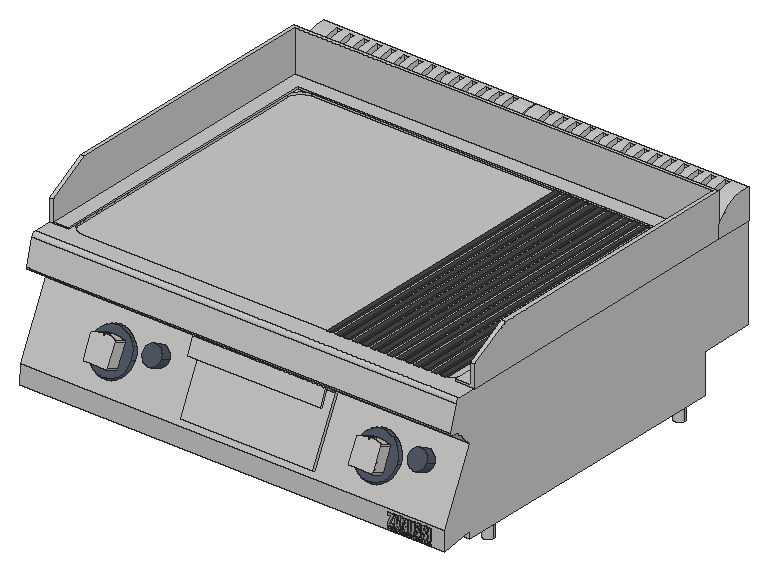
Revit family "QF_ZANUSSI_372335_Z7IIMAAOMEA", category Specialty Equipment, Revit 2018 (continued)
Automatic sketch dimensions
  curve 145 to curve 154 = 19.003 mm
  curve 141 to curve 141 = 0.343 mm
  curve 141 to curve 143 = 1.071 mm
  curve 141 to curve 140 = 2.189 mm
  curve 140 to curve 139 = 0.809 mm
  curve 99 to curve 97 = 16.193 mm
  curve 94 to curve 94 = 9.296 mm
  plane 1 "BACK" to curve 93 = 6.761 mm
  curve 94 to curve 93 = 16.193 mm
  curve 92 to curve 91 = 9.296 mm
  plane 1 "BACK" to curve 89 = 6.761 mm
  curve 90 to curve 89 = 16.193 mm
  curve 86 to curve 86 = 9.296 mm
  curve 87 to curve 84 = 16.193 mm
  curve 82 to curve 83 = 9.296 mm
  curve 153 to curve 149 = 88.173 mm
  curve 174 to curve 170 = 88.173 mm
  curve 153 to curve 144 = 0 mm
  curve 174 to curve 165 = 0 mm
  plane 5 "FRONT" to curve 175 = 10.68 mm
  plane 5 "FRONT" to curve 154 = 10.68 mm
  curve 141 to curve 140 = 1.333 mm
  curve 162 to curve 161 = 1.333 mm
  curve 140 to curve 141 = 2.779 mm
  curve 149 to curve 150 = 2.779 mm
  curve 161 to curve 162 = 2.779 mm
  curve 170 to curve 171 = 2.779 mm
  plane 14 to curve 143 = 7.106 mm
  plane 14 to curve 164 = 7.106 mm
  plane 14 to curve 152 = 7.106 mm
  plane 14 to curve 173 = 7.106 mm
  curve 142 to plane 14 = 36.239 mm
  curve 163 to plane 14 = 36.239 mm
  curve 172 to curve 163 = 0 mm
  curve 151 to curve 142 = 0 mm
  curve 93 to curve 90 = 57.15 mm
  curve 28 to curve 25 = 57.15 mm
  curve 95 to curve 92 = 0 mm
  curve 27 to curve 30 = 0 mm
  curve 99 to curve 96 = 0 mm
  curve 91 to curve 89 = 0 mm
  curve 103 to curve 100 = 0 mm
  curve 107 to curve 104 = 0 mm
  curve 31 to curve 34 = 0 mm
  curve 111 to curve 108 = 0 mm
  curve 35 to curve 38 = 0 mm
  curve 87 to curve 85 = 0 mm
  curve 115 to curve 112 = 0 mm
  curve 39 to curve 42 = 0 mm
  curve 119 to curve 116 = 0 mm
  curve 43 to curve 46 = 0 mm
  curve 123 to curve 120 = 0 mm
  curve 47 to curve 50 = 0 mm
  curve 127 to curve 124 = 0 mm
  curve 51 to curve 54 = 0 mm
  curve 131 to curve 128 = 0 mm
  curve 55 to curve 58 = 0 mm
  curve 135 to curve 132 = 0 mm
  curve 59 to curve 62 = 0 mm
  curve 80 to curve 136 = 0 mm
  curve 63 to curve 66 = 0 mm
  curve 76 to curve 78 = 0 mm
  curve 67 to curve 70 = 0 mm
  plane 1 "BACK" to curve 72 = 6.761 mm
  plane 1 "BACK" to curve 85 = 6.761 mm
  plane 1 "BACK" to curve 77 = 6.761 mm
  plane 1 "BACK" to curve 64 = 6.761 mm
  plane 1 "BACK" to curve 137 = 6.761 mm
  plane 1 "BACK" to curve 60 = 6.761 mm
  plane 1 "BACK" to curve 52 = 6.761 mm
  plane 1 "BACK" to curve 117 = 6.761 mm
  plane 1 "BACK" to curve 113 = 6.761 mm
  plane 1 "BACK" to curve 36 = 6.761 mm
  plane 1 "BACK" to curve 109 = 6.761 mm
  plane 1 "BACK" to curve 32 = 6.761 mm
  plane 1 "BACK" to curve 105 = 6.761 mm
  plane 1 "BACK" to curve 101 = 6.761 mm
  plane 1 "BACK" to curve 97 = 6.761 mm
  curve 172 to curve 169 = 9.809 mm
  curve 173 to curve 173 = 0.284 mm
  curve 164 to curve 165 = 0.284 mm
  curve 160 to curve 163 = 9.809 mm
  curve 163 to curve 176 = 34.796 mm
  curve 176 to plane 14 = 3.305 mm
  curve 176 to curve 176 = 16.395 mm
  curve 176 to curve 176 = 1.605 mm
  curve 158 to curve 20 = 0 mm
  curve 178 to curve 22 = 41 mm
  curve 178 to curve 179 = 16.5 mm
  curve 179 to curve 180 = 16.5 mm
  curve 159 to curve 22 = 0 mm
  curve 180 to curve 181 = 16.5 mm
  curve 181 to curve 182 = 16.5 mm
  curve 182 to curve 183 = 16.5 mm
  curve 183 to curve 184 = 16.5 mm
  curve 151 to curve 148 = 9.809 mm
  curve 184 to curve 185 = 16.5 mm
  curve 153 to curve 152 = 0.284 mm
  curve 185 to curve 186 = 16.5 mm
  curve 186 to curve 187 = 16.5 mm
  curve 143 to curve 144 = 0.284 mm
  curve 187 to curve 188 = 16.5 mm
  curve 139 to curve 142 = 9.809 mm
  curve 188 to curve 189 = 16.5 mm
  curve 189 to curve 190 = 16.475 mm
  curve 142 to curve 157 = 34.796 mm
  curve 190 to curve 191 = 16.5 mm
  curve 157 to plane 14 = 3.305 mm
  curve 157 to curve 157 = 16.395 mm
  curve 191 to curve 192 = 16.1 mm
  curve 157 to curve 157 = 1.605 mm
  curve 192 to curve 193 = 16.711 mm
  curve 173 to curve 173 = 0.567 mm
  curve 143 to curve 143 = 0.567 mm
  curve 152 to curve 152 = 0.567 mm
  curve 164 to curve 164 = 0.567 mm
  curve 142 to curve 187 = 18.876 mm
  curve 151 to curve 184 = 18.876 mm
  curve 187 to curve 188 = 0 mm
  curve 182 to curve 184 = 0 mm
  plane 11 to curve 191 = 47 mm
  curve 191 to curve 192 = 0 mm  (x2)
  curve 184 to curve 185 = 0 mm  (x2)
  curve 181 to curve 182 = 0 mm  (x2)
  curve 180 to curve 181 = 0 mm  (x2)
  curve 179 to curve 180 = 0 mm  (x2)
  curve 178 to curve 179 = 0 mm  (x2)
  curve 186 to curve 187 = 0 mm  (x2)
  curve 188 to curve 189 = 0 mm  (x2)
  curve 183 to curve 184 = 0 mm  (x2)
  curve 189 to curve 190 = 0 mm  (x2)
  curve 192 to curve 193 = 6.271 mm
  curve 192 to curve 88 = 40.974 mm
  curve 192 to curve 193 = 0 mm
  curve 178 to curve 124 = 40.974 mm
  curve 190 to curve 191 = 0 mm
  curve 182 to curve 183 = 0 mm
  curve 185 to curve 186 = 0 mm
  curve 81 to curve 79 = 5.939 mm
  radius of Extrusion 25 sketch curve = 18 mm
  radius of Extrusion 26 sketch curve = 15 mm
  radius of Extrusion 3 sketch curve = 9.525 mm  (x4)
  radius of Extrusion 4 sketch curve = 6.35 mm
  radius of Blend 17 sketch curve = 42.5 mm
  radius of Blend 17 sketch curve = 40.5 mm
  radius of Split face 5 sketch curve = 2.031 mm
  radius of Split face 6 sketch curve = 3.497 mm
  radius of Split face 7 sketch curve = 3 mm
  radius of Split face 8 sketch curve = 1.5 mm
  radius of Extrusion 19 sketch curve = 18 mm
  radius of Extrusion 20 sketch curve = 15 mm
  radius of Blend 23 sketch curve = 42.5 mm
  radius of Blend 23 sketch curve = 40.5 mm
  radius of Split face 13 sketch curve = 2.031 mm
  radius of Split face 14 sketch curve = 3.497 mm
  radius of Split face 15 sketch curve = 3 mm
  radius of Split face 16 sketch curve = 1.5 mm
Nested families
  nested 1: "ZAN_Logo_S_Grey_Professional" at (733.976, -715, 676.615) x (1, 0, 0) z (0, -1, 0), type "ZAN_Logo_S_Grey_Professional"
Connectors
  piping at (749.2, -98.425, 683.9), diameter 12.7, driven by "Gas Size"
    settings: on Extrusion 4, index 1, connector inside diameter 0.50394", connector length 0 mm, flow factor 0, pipe flow 0 GPM, pressure drop 0.00 psi, fitting loss kfactor 0, connector angle 0.00°, fixture units 0, engagement length 0 mm, angle of deflection 0.00°, flow configuration 1, flow direction 1, fitting loss method 0, system type 7, joint type 0, gender type 0, connector reference index -1, connector utility 0, adjustable connector no, is connector primary yes, connector description "Gas Connection"
Definition of nested family "ZAN_Logo_S_Grey_Professional"
  Parameters (values of type "ZAN_Logo_S_Grey_Professional")
    Default Elevation = 0 mm
    Materiale = none
  Reference planes
    plane 1 "Centro (Fronte/Retro)": y = 0
    plane 2: z = 0
    plane 3 "Centro (Sinistra/Destra)": x = 0
  Forms (mm)
    Extrusion 1, solid
      sketch origin (0, 0, 0) x (1, 0, 0) y (0, 1, 0)
        loop
          line (-1219.2, 1219.2) -> (-1219.2, -1219.2) -> (1219.2, -1219.2) -> (1219.2, 1219.2) -> (-1219.2, 1219.2)
      from 0 to -304.8
    Extrusion 2, solid, material <- "Materiale"
      sketch origin (17.793, -46.218, 0) x (-1, 0, 0) y (0, -1, 0)
        loop
          spline (-1.644, -54.786) -> (-1.034, -55.008) -> (-0.403, -55.173) -> (0.241, -55.279) -> (0.893, -55.327) -> (1.547, -55.314) -> (2.197, -55.242) -> (2.836, -55.109) -> (3.458, -54.916) -> (4.058, -54.662) -> (4.629, -54.345) -> (5.165, -53.967) -> (5.66, -53.526)
          spline (5.66, -53.526) -> (5.954, -53.066) -> (6.206, -52.57) -> (6.417, -52.047) -> (6.588, -51.502) -> (6.718, -50.944) -> (6.809, -50.378) -> (6.86, -49.813) -> (6.872, -49.254) -> (6.846, -48.71) -> (6.782, -48.186) -> (6.68, -47.691) -> (6.541, -47.23)
          line (6.541, -47.23) -> (4.526, -44.334) -> (2.386, -42.445)
          spline (2.386, -42.445) -> (2.16, -42.258) -> (1.927, -42.074) -> (1.689, -41.89) -> (1.448, -41.703) -> (1.207, -41.512) -> (0.969, -41.312) -> (0.736, -41.101) -> (0.511, -40.878) -> (0.296, -40.639) -> (0.095, -40.381) -> (-0.091, -40.103) -> (-0.259, -39.8)
          spline (-0.259, -39.8) -> (-0.29, -39.607) -> (-0.318, -39.405) -> (-0.339, -39.197) -> (-0.352, -38.984) -> (-0.352, -38.771) -> (-0.337, -38.557) -> (-0.304, -38.346) -> (-0.249, -38.14) -> (-0.17, -37.941) -> (-0.063, -37.751) -> (0.074, -37.573) -> (0.245, -37.408)
          line (0.245, -37.408) -> (1.882, -37.282)
          spline (1.882, -37.282) -> (2.188, -37.491) -> (2.42, -37.736) -> (2.586, -38.012) -> (2.698, -38.313) -> (2.765, -38.633) -> (2.795, -38.966) -> (2.799, -39.308) -> (2.787, -39.651) -> (2.767, -39.991) -> (2.751, -40.322) -> (2.746, -40.638) -> (2.763, -40.934)
          line (2.763, -40.934) -> (7.171, -40.934)
          spline (7.171, -40.934) -> (7.223, -40.399) -> (7.252, -39.866) -> (7.257, -39.336) -> (7.236, -38.812) -> (7.187, -38.295) -> (7.108, -37.786) -> (6.997, -37.288) -> (6.854, -36.802) -> (6.675, -36.33) -> (6.46, -35.874) -> (6.206, -35.435) -> (5.912, -35.015)
          spline (5.912, -35.015) -> (5.55, -34.687) -> (5.16, -34.396) -> (4.745, -34.14) -> (4.307, -33.92) -> (3.85, -33.734) -> (3.377, -33.583) -> (2.891, -33.466) -> (2.395, -33.383) -> (1.892, -33.333) -> (1.385, -33.316) -> (0.877, -33.331) -> (0.371, -33.378)
          spline (0.371, -33.378) -> (-0.163, -33.462) -> (-0.693, -33.587) -> (-1.213, -33.752) -> (-1.718, -33.957) -> (-2.205, -34.2) -> (-2.667, -34.48) -> (-3.1, -34.798) -> (-3.5, -35.151) -> (-3.861, -35.539) -> (-4.179, -35.961) -> (-4.449, -36.417) -> (-4.666, -36.904)
          spline (-4.666, -36.904) -> (-4.8, -37.505) -> (-4.888, -38.107) -> (-4.93, -38.709) -> (-4.927, -39.306) -> (-4.881, -39.897) -> (-4.792, -40.477) -> (-4.661, -41.045) -> (-4.489, -41.596) -> (-4.276, -42.128) -> (-4.025, -42.638) -> (-3.735, -43.122) -> (-3.407, -43.578)
          line (-3.407, -43.578) -> (1.63, -48.112) -> (2.26, -48.867)
          spline (2.26, -48.867) -> (2.325, -49.027) -> (2.392, -49.191) -> (2.459, -49.359) -> (2.521, -49.529) -> (2.576, -49.702) -> (2.622, -49.874) -> (2.654, -50.047) -> (2.67, -50.22) -> (2.667, -50.39) -> (2.642, -50.558) -> (2.591, -50.722) -> (2.512, -50.882)
          spline (2.512, -50.882) -> (2.439, -51.029) -> (2.347, -51.157) -> (2.24, -51.266) -> (2.12, -51.358) -> (1.989, -51.434) -> (1.851, -51.496) -> (1.707, -51.545) -> (1.56, -51.582) -> (1.414, -51.608) -> (1.27, -51.625) -> (1.131, -51.635) -> (1.001, -51.638)
          line (1.001, -51.638) -> (-0.259, -50.756) -> (-0.385, -48.112) -> (-4.54, -48.112)
          spline (-4.54, -48.112) -> (-4.545, -48.463) -> (-4.556, -48.822) -> (-4.572, -49.188) -> (-4.587, -49.557) -> (-4.598, -49.929) -> (-4.603, -50.3) -> (-4.597, -50.668) -> (-4.577, -51.031) -> (-4.54, -51.388) -> (-4.482, -51.735) -> (-4.399, -52.071) -> (-4.288, -52.393)
          spline (-4.288, -52.393) -> (-4.176, -52.644) -> (-4.031, -52.894) -> (-3.857, -53.139) -> (-3.659, -53.377) -> (-3.439, -53.607) -> (-3.202, -53.825) -> (-2.952, -54.031) -> (-2.693, -54.221) -> (-2.429, -54.394) -> (-2.163, -54.547) -> (-1.9, -54.678) -> (-1.644, -54.786)
        loop
          spline (-16.755, -52.519) -> (-16.407, -53.083) -> (-15.998, -53.58) -> (-15.535, -54.012) -> (-15.024, -54.38) -> (-14.474, -54.684) -> (-13.89, -54.927) -> (-13.28, -55.11) -> (-12.651, -55.233) -> (-12.009, -55.299) -> (-11.362, -55.308) -> (-10.717, -55.263) -> (-10.081, -55.163)
          spline (-10.081, -55.163) -> (-9.638, -55.08) -> (-9.196, -54.956) -> (-8.761, -54.793) -> (-8.336, -54.594) -> (-7.93, -54.36) -> (-7.547, -54.093) -> (-7.192, -53.794) -> (-6.872, -53.466) -> (-6.592, -53.109) -> (-6.358, -52.726) -> (-6.176, -52.319) -> (-6.051, -51.889)
          spline (-6.051, -51.889) -> (-5.857, -51.316) -> (-5.715, -50.731) -> (-5.626, -50.14) -> (-5.589, -49.548) -> (-5.605, -48.959) -> (-5.673, -48.379) -> (-5.794, -47.812) -> (-5.967, -47.263) -> (-6.193, -46.736) -> (-6.471, -46.237) -> (-6.802, -45.771) -> (-7.185, -45.341)
          line (-7.185, -45.341) -> (-11.844, -41.186) -> (-12.851, -39.675)
          spline (-12.851, -39.675) -> (-12.882, -39.483) -> (-12.91, -39.288) -> (-12.934, -39.09) -> (-12.949, -38.891) -> (-12.954, -38.692) -> (-12.946, -38.494) -> (-12.921, -38.299) -> (-12.879, -38.108) -> (-12.816, -37.922) -> (-12.729, -37.742) -> (-12.615, -37.57) -> (-12.473, -37.408)
          line (-12.473, -37.408) -> (-11.214, -37.156)
          spline (-11.214, -37.156) -> (-10.768, -37.262) -> (-10.429, -37.445) -> (-10.183, -37.695) -> (-10.015, -38) -> (-9.912, -38.349) -> (-9.86, -38.73) -> (-9.845, -39.132) -> (-9.852, -39.544) -> (-9.868, -39.954) -> (-9.879, -40.351) -> (-9.871, -40.723) -> (-9.829, -41.06)
          line (-9.829, -41.06) -> (-5.422, -40.934)
          spline (-5.422, -40.934) -> (-5.367, -40.392) -> (-5.333, -39.839) -> (-5.323, -39.279) -> (-5.342, -38.719) -> (-5.395, -38.162) -> (-5.485, -37.613) -> (-5.616, -37.077) -> (-5.795, -36.559) -> (-6.024, -36.064) -> (-6.308, -35.597) -> (-6.651, -35.162) -> (-7.059, -34.764)
          spline (-7.059, -34.764) -> (-7.58, -34.383) -> (-8.132, -34.06) -> (-8.711, -33.794) -> (-9.311, -33.584) -> (-9.927, -33.43) -> (-10.553, -33.331) -> (-11.184, -33.288) -> (-11.816, -33.299) -> (-12.442, -33.365) -> (-13.057, -33.484) -> (-13.657, -33.657) -> (-14.236, -33.882)
          spline (-14.236, -33.882) -> (-14.49, -33.99) -> (-14.747, -34.121) -> (-15.006, -34.276) -> (-15.262, -34.451) -> (-15.515, -34.646) -> (-15.763, -34.858) -> (-16.003, -35.086) -> (-16.232, -35.328) -> (-16.45, -35.582) -> (-16.653, -35.847) -> (-16.839, -36.12) -> (-17.007, -36.401)
          spline (-17.007, -36.401) -> (-17.229, -37.006) -> (-17.395, -37.624) -> (-17.502, -38.25) -> (-17.552, -38.882) -> (-17.544, -39.515) -> (-17.479, -40.147) -> (-17.355, -40.773) -> (-17.174, -41.391) -> (-16.936, -41.996) -> (-16.639, -42.586) -> (-16.285, -43.157) -> (-15.873, -43.704)
          line (-15.873, -43.704) -> (-10.584, -48.489) -> (-9.955, -50.126) -> (-10.459, -51.386) -> (-11.592, -51.638) -> (-12.851, -50.756) -> (-12.977, -48.238) -> (-17.258, -48.112)
          spline (-17.258, -48.112) -> (-17.236, -48.492) -> (-17.23, -48.875) -> (-17.233, -49.261) -> (-17.24, -49.646) -> (-17.245, -50.03) -> (-17.243, -50.41) -> (-17.227, -50.785) -> (-17.193, -51.152) -> (-17.134, -51.512) -> (-17.046, -51.86) -> (-16.921, -52.196) -> (-16.755, -52.519)
        loop
          line (-18.014, -33.378) -> (-22.421, -33.378) -> (-22.421, -54.911) -> (-18.014, -54.911) -> (-18.014, -33.378)
        loop
          line (14.852, -38.541) -> (14.852, -54.911) -> (19.259, -54.911) -> (19.259, -40.43) -> (19.008, -36.904) -> (18.63, -36.023) -> (17.748, -34.89) -> (16.867, -34.26) -> (15.104, -33.504) -> (14.223, -33.378) -> (12.208, -33.378) -> (11.2, -33.63) -> (9.689, -34.512) -> (7.926, -37.03) -> (7.8, -37.912) -> (7.8, -54.911) -> (12.208, -54.911) -> (12.208, -38.919) -> (12.711, -37.786) -> (14.097, -37.66) -> (14.852, -38.541)
        loop
          line (20.267, -54.911) -> (24.296, -54.911) -> (24.296, -41.186) -> (27.948, -54.911) -> (32.607, -54.911) -> (32.607, -33.378) -> (28.704, -33.378) -> (28.704, -47.608) -> (25.052, -33.378) -> (20.267, -33.378) -> (20.267, -54.911)
        loop
          line (47.089, -54.911) -> (58.044, -54.911) -> (58.044, -50.882) -> (52.251, -51.008) -> (58.548, -37.786) -> (58.548, -33.378) -> (47.089, -33.378) -> (47.089, -37.786) -> (53.698, -37.786) -> (47.089, -51.26) -> (47.089, -54.911)
        loop
          line (36.889, -54.911) -> (42.933, -54.911) -> (46.837, -33.378) -> (42.303, -33.378) -> (41.674, -37.534) -> (38.022, -37.534) -> (37.392, -33.378) -> (32.859, -33.378) -> (36.889, -54.911)
        loop
          line (41.17, -41.438) -> (38.652, -41.438) -> (39.911, -51.231) -> (41.17, -41.438)
        loop
          line (57.627, -27.599) -> (56.511, -27.599)
          arc (56.511, -27.599) -> (55.334, -29.219) -> (56.822, -30.559) r 1.496
          line (56.822, -30.559) -> (58.548, -30.559) -> (58.548, -26.082) -> (57.627, -26.082) -> (57.627, -27.599)
        loop
          line (57.627, -29.713) -> (57.627, -28.464) -> (56.699, -28.464)
          arc (56.699, -28.464) -> (56.24, -29.089) -> (56.699, -29.713) r 0.654
          line (56.699, -29.713) -> (57.627, -29.713)
        loop
          line (50.633, -27.625) -> (49.682, -27.625) -> (48.755, -26.082) -> (47.711, -26.082) -> (48.871, -27.993)
          arc (48.871, -27.993) -> (48.433, -29.601) -> (49.798, -30.559) r 1.45
          line (49.798, -30.559) -> (51.553, -30.559) -> (51.553, -26.082) -> (50.633, -26.082) -> (50.633, -27.625)
        loop
          line (50.633, -29.713) -> (50.633, -28.464) -> (49.705, -28.464)
          arc (49.705, -28.464) -> (49.245, -29.089) -> (49.705, -29.713) r 0.654
          line (49.705, -29.713) -> (50.633, -29.713)
        loop
          line (36.111, -26.082) -> (35.19, -26.082) -> (35.19, -27.797) -> (33.505, -27.797) -> (33.505, -28.718) -> (35.19, -28.718) -> (35.19, -29.639) -> (33.344, -29.639) -> (33.344, -30.559) -> (36.111, -30.559) -> (36.111, -26.082)
        loop
          line (29.546, -26.082) -> (26.666, -26.082) -> (26.666, -27.002) -> (28.626, -27.002) -> (28.626, -27.797) -> (26.835, -27.797) -> (26.835, -28.718) -> (28.626, -28.718) -> (28.626, -29.639) -> (26.71, -29.639) -> (26.71, -30.559) -> (29.546, -30.559) -> (29.546, -26.082)
        loop
          line (9.21, -26.082) -> (8.289, -26.082) -> (8.289, -30.559) -> (9.21, -30.559) -> (9.21, -26.082)
        loop
          line (-5.024, -26.082) -> (-5.024, -28.898) -> (-7.072, -26.082) -> (-7.993, -26.082) -> (-7.993, -30.559) -> (-7.037, -30.559) -> (-7.037, -27.659) -> (-4.989, -30.559) -> (-4.069, -30.559) -> (-4.069, -26.082) -> (-5.024, -26.082)
        loop
          line (-11.621, -26.082) -> (-12.61, -26.082) -> (-13.045, -27.048) -> (-14.702, -27.048) -> (-15.137, -26.082) -> (-16.125, -26.082) -> (-14.375, -30.558) -> (-13.454, -30.558) -> (-11.621, -26.082)
        loop
          line (-19.779, -26.082) -> (-22.421, -26.082) -> (-22.421, -27.002) -> (-20.7, -27.002) -> (-20.7, -30.559) -> (-19.779, -30.559) -> (-19.779, -26.082)
        loop
          line (-13.875, -29.102) -> (-13.395, -27.931) -> (-14.333, -27.931) -> (-13.875, -29.102)
        loop
          circle (2.094, -28.293) r 1.482
        loop
          circle (2.094, -28.293) r 2.376
        loop
          arc (16.413, -27.085) -> (15.386, -26.141) -> (13.991, -26.107) r 1.985
          arc (13.991, -26.107) -> (13.047, -26.998) -> (13.375, -28.254) r 1.274
          arc (13.375, -28.254) -> (14.04, -28.662) -> (14.749, -28.985) r 6.355
          arc (14.749, -28.985) -> (15.14, -29.579) -> (14.494, -29.876) r 0.469
          arc (14.494, -29.876) -> (14.107, -29.64) -> (13.784, -29.321) r 1.958
          line (13.784, -29.321) -> (12.995, -29.795)
          arc (12.995, -29.795) -> (13.493, -30.326) -> (14.109, -30.712) r 2.834
          arc (14.109, -30.712) -> (16.031, -29.813) -> (14.826, -28.067) r 1.389
          spline (14.826, -28.067) -> (14.485, -27.906) -> (14.237, -27.756) -> (14.069, -27.617) -> (13.971, -27.49) -> (13.931, -27.375) -> (13.937, -27.273) -> (13.977, -27.185) -> (14.041, -27.112) -> (14.116, -27.053) -> (14.191, -27.011) -> (14.254, -26.985) -> (14.293, -26.976)
          arc (14.293, -26.976) -> (15.035, -26.992) -> (15.586, -27.489) r 1.064
          line (15.586, -27.489) -> (16.413, -27.085)
        loop
          arc (23.156, -27.085) -> (22.129, -26.141) -> (20.734, -26.107) r 1.985
          arc (20.734, -26.107) -> (19.79, -26.998) -> (20.118, -28.254) r 1.274
          arc (20.118, -28.254) -> (20.783, -28.662) -> (21.492, -28.985) r 6.355
          arc (21.492, -28.985) -> (21.883, -29.579) -> (21.237, -29.876) r 0.469
          arc (21.237, -29.876) -> (20.849, -29.64) -> (20.527, -29.321) r 1.958
          line (20.527, -29.321) -> (19.738, -29.795)
          arc (19.738, -29.795) -> (20.236, -30.326) -> (20.852, -30.712) r 2.834
          arc (20.852, -30.712) -> (22.774, -29.813) -> (21.568, -28.067) r 1.389
          spline (21.568, -28.067) -> (21.228, -27.906) -> (20.979, -27.756) -> (20.812, -27.617) -> (20.714, -27.49) -> (20.674, -27.375) -> (20.68, -27.273) -> (20.72, -27.185) -> (20.784, -27.112) -> (20.859, -27.053) -> (20.933, -27.011) -> (20.996, -26.985) -> (21.036, -26.976)
          arc (21.036, -26.976) -> (21.778, -26.992) -> (22.329, -27.489) r 1.064
          line (22.329, -27.489) -> (23.156, -27.085)
        loop
          circle (42.369, -28.293) r 1.482
        loop
          circle (42.369, -28.293) r 2.376
      from 0 to 1.644
  Dimensions and locks
    aligned and locked: plane 2 to Extrusion 1
    aligned and locked: level to Extrusion 1
